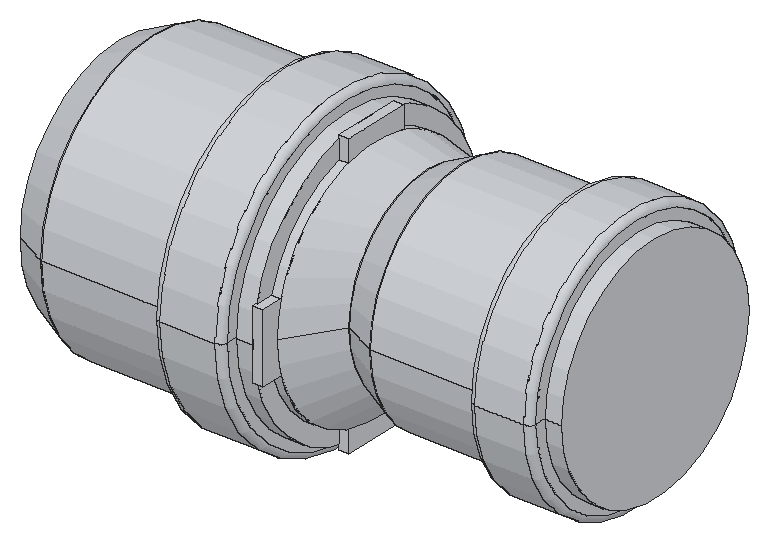
Revit family "RAUPIANO PLUS Reducer", category Pipe Fittings, Revit 2012
Parameters (values of type "Standard")
  z1 [instance] = size_lookup(Lookup Table Name, "z1", 0 mm, Nominal Diameter 1, Nominal Diameter 2)  # 12 mm
  tmin 2 [instance] = size_lookup("RAUPIANO Pipe.csv", "tmin", 0 mm, Nominal Diameter 2)  # 42.3 mm
  tmin 1 [instance] = size_lookup("RAUPIANO Pipe.csv", "tmin", 0 mm, Nominal Diameter 1)  # 46.3 mm
  re 2 [instance] = de 2 / 2  # 20 mm
  re 1 [instance] = de 1 / 2  # 25 mm
  de 2 [instance] = size_lookup("RAUPIANO Pipe.csv", "de", 0 mm, Nominal Diameter 2)  # 40 mm
  de 1 [instance] = size_lookup("RAUPIANO Pipe.csv", "de", 0 mm, Nominal Diameter 1)  # 50 mm
  bmin 2 [instance] = size_lookup("RAUPIANO Pipe.csv", "bmin", 0 mm, Nominal Diameter 2)  # 3.5 mm
  bmin 1 [instance] = size_lookup("RAUPIANO Pipe.csv", "bmin", 0 mm, Nominal Diameter 1)  # 3.5 mm
  Type Comments = "RAU-PP; Push-fit; White"  # constant formula
  Thermal expansion coefficient [instance] = "0,09 mm/m.K"  # constant formula
  Temperature resistance [instance] = "90°C (continuous), 95°C (short term)"  # constant formula
  T9 = "DN 160/110"
  T8 = "DN 125/110"
  T7 = "DN 110/90"
  T6 = "DN 110/75"
  T5 = "DN 110/50"
  T4 = "DN 90/75"
  T3 = "DN 90/50"
  T2 = "DN 75/50"
  T11 = "DN 200/160"
  T10 = "DN 160/125"
  T1 = "DN 50/40"
  Spec Text [instance] = if(and(D1 = 50 mm, D2 = 40 mm), T1, if(and(D1 = 75 mm, D2 = 50 mm), T2, if(and(D1 = 90 mm, D2 = 50 mm), T3, if(and(D1 = 90 mm, D2 = 75 mm), T4, if(and(D1 = 110 mm, D2 = 50 mm), T5, if(and(D1 = 110 mm, D2 = 75 mm), T6, if(and(D1 = 110 mm, D2 = 90 mm), T7, if(and(D1 = 125 mm, D2 = 110 mm), T8, if(and(D1 = 160 mm, D2 = 110 mm), T9, if(and(D1 = 160 mm, D2 = 125 mm), T10, if(and(D1 = 200 mm, D2 = 160 mm), T11, Fail)))))))))))  # "DN 50/40"
  Pressure resistance [instance] = "1 bar (100 kPa, 10m)"  # constant formula
  Materialcode SAP [instance] = if(and(D1 = 50 mm, D2 = 40 mm), M1, if(and(D1 = 75 mm, D2 = 50 mm), M2, if(and(D1 = 90 mm, D2 = 50 mm), M3, if(and(D1 = 90 mm, D2 = 75 mm), M4, if(and(D1 = 110 mm, D2 = 50 mm), M5, if(and(D1 = 110 mm, D2 = 75 mm), M6, if(and(D1 = 110 mm, D2 = 90 mm), M7, if(and(D1 = 125 mm, D2 = 110 mm), M8, if(and(D1 = 160 mm, D2 = 110 mm), M9, if(and(D1 = 160 mm, D2 = 125 mm), M10, if(and(D1 = 200 mm, D2 = 160 mm), M11, Fail)))))))))))  # "11231241001"
  Manufacturer = "REHAU"  # constant formula
  M9 = "11240391001"
  M8 = "11206141001"
  M7 = "11219941001"
  M6 = "11214041001"
  M5 = "11213941001"
  M4 = "11233241001"
  M3 = "11233141001"
  M2 = "11213841001"
  M11 = "11237641001"
  M10 = "11218041002"
  M1 = "11231241001"
  Health and environmental impact [instance] = "Halogen-free (no F, Cl, Br, J) and 100% recyclable"  # constant formula
  Fire load [instance] = "14.992 kJ/kg"  # constant formula
  Fire behaviour [instance] = "B2 (DIN 4102); D,S3-d0 (EN 13501-1)"  # constant formula
  Fail = "No article found"
  Description = "REHAU RAUPIANO PLUS reducer"  # constant formula
  D2 [instance] = Nominal Diameter 2  # 40 mm
  D1 [instance] = Nominal Diameter 1  # 50 mm
  Class [instance] = "SN4"  # constant formula
  Chemical resistance [instance] = "pH 2 - 12"  # constant formula
  Belt Thickness 2 [instance] = Dmax 2 / 2 - Sleeve Radius 2  # 3.5 mm
  Belt Thickness 1 [instance] = Dmax 1 / 2 - Sleeve Radius 1  # 3.5 mm
  Belt Radius 2 [instance] = (Dmax 2 / 2 - Sleeve Radius 2) / 2.5  # 1.4 mm
  Belt Radius 1 [instance] = (Dmax 1 / 2 - Sleeve Radius 1) / 2.5  # 1.4 mm
  Belt Length 2 [instance] = 3 mm / 10 mm * tmin 2  # 12.69 mm
  Belt Length 1 [instance] = (3 mm / 10 mm) * tmin 1  # 13.89 mm
  Sleeve Radius 2 [instance] = (Dmax 2 + de 2) / 4  # 23.5 mm
  Sleeve Radius 1 [instance] = (Dmax 1 + de 1) / 4  # 28.5 mm
  Sleeve Length 2 [instance] = tmin 2 + bmin 2  # 45.8 mm
  Sleeve Length 1 [instance] = tmin 1 + bmin 1  # 49.8 mm
  Nominal Radius 2 [instance] = 20 mm
  Nominal Radius 1 [instance] = 25 mm
  Nominal Diameter 2 [instance] = Nominal Radius 2 * 2  # 40 mm
  Nominal Diameter 1 [instance] = Nominal Radius 1 * 2  # 50 mm
  Max Radius Run [instance] = if(re 1 > re 2, re 1, re 2)  # 25 mm
  Lookup Table Name = "RAUPIANO Reducer.csv"
  Length 5 [instance] = Length 2 / 3  # 2 mm
  Length 4 [instance] = if(bmin 1 / 3 < 2 mm, 2 mm, bmin 1 / 3)  # 2 mm
  Length 2 [instance] = z1 / 2  # 6 mm
  Length 1 [instance] = z1  # 12 mm
  Dmax 2 [instance] = size_lookup("RAUPIANO Pipe.csv", "Dmax", 0 mm, Nominal Diameter 2)  # 54 mm
  Dmax 1 [instance] = size_lookup("RAUPIANO Pipe.csv", "Dmax", 0 mm, Nominal Diameter 1)  # 64 mm
  Article No [instance] = if(and(D1 = 50 mm, D2 = 40 mm), A1, if(and(D1 = 75 mm, D2 = 50 mm), A2, if(and(D1 = 90 mm, D2 = 50 mm), A3, if(and(D1 = 90 mm, D2 = 75 mm), A4, if(and(D1 = 110 mm, D2 = 50 mm), A5, if(and(D1 = 110 mm, D2 = 75 mm), A6, if(and(D1 = 110 mm, D2 = 90 mm), A7, if(and(D1 = 125 mm, D2 = 110 mm), A8, if(and(D1 = 160 mm, D2 = 110 mm), A9, if(and(D1 = 160 mm, D2 = 125 mm), A10, if(and(D1 = 200 mm, D2 = 160 mm), A11, Fail)))))))))))  # "123124-001"
  Application [instance] = "Not to be exposed to UV-radiation"  # constant formula
  Acoustic properties [instance] = "Rw + Ctr 42 (with industry standard suspended ceiling)"  # constant formula
  A9 = "124039-001"
  A8 = "120614-001"
  A7 = "121994-001"
  A6 = "121404-001"
  A5 = "121394-001"
  A4 = "123324-001"
  A3 = "123314-001"
  A2 = "121384-001"
  A11 = "123764-001"
  A10 = "121804-002"
  A1 = "123124-001"
  2 bmin 1 [instance] = bmin 1 * 2  # 7 mm
Reference planes
  plane 1 "Center (Front/Back)": y = 0
  plane 2: z = 0
  plane 3 "Center (Left/Right)": x = 0
  plane 4: x = 6
  plane 5: x = -6
  plane 6: x = -52.3
  plane 7: x = 48.3
  plane 8: x = -4
  plane 9: x = -55.8
  plane 10: x = -48.8
  plane 11: x = 2.5
  plane 12: x = 9.5
  plane 13: y = 25
  plane 14: y = 5
  plane 15: x = 44.8
  plane 16: x = 32.11
  plane 17: y = 28.5
  plane 18: x = -27.9
  plane 19: x = 24.15
Forms (mm)
  Extrusion 1, solid, detail levels fine
    sketch origin (-6, 298.262, 1219.2) x (0, 1, 0) y (0, 0, 1)
      loop
        circle (-298.262, -1219.2) r 28.5
    from 0 to -42.8
  Blend 2, solid, detail levels fine
    base sketch origin (-55.8, 58.829, 1219.2) x (0, 1, 0) y (0, 0, 1)
      loop
        circle (-58.829, -1219.2) r 25
    top sketch origin (-55.8, 58.829, 1219.2) x (0, 1, 0) y (0, 0, 1)
      loop
        circle (-58.829, -1219.2) r 28.5
    from 0 to 7
  Revolve 3, solid, detail levels fine
    sketch origin (0, 0, 0) x (1, 0, 0) y (0, 1, 0)
      loop
        line (-23.39, -28.5) -> (-23.39, -30.6)
        arc (-23.39, -30.6) -> (-22.98, -31.59) -> (-21.99, -32) r 1.4
        line (-21.99, -32) -> (-10.9, -32)
        arc (-10.9, -32) -> (-9.91, -31.59) -> (-9.5, -30.6) r 1.4
        line (-9.5, -30.6) -> (-9.5, -28.5) -> (-23.39, -28.5)
      axis (-9.5, 0) -> (-23.39, 0)
    angle from 0 to 360
  SweptBlend 4, solid, detail levels fine
    path origin (0, 0, 0) x (1, 0, 0) y (0, 1, 0)
      loop
        line (-4, 0) -> (2.5, 0)
    profile origin (-4, 0, 0) x (0, 1, 0) y (0, 0, 1)
      loop
        circle (0, 0) r 25
    end profile origin (2.5, 0, 0) x (0, 1, 0) y (0, 0, 1)
      loop
        circle (5, 0) r 20
  Sweep 5, solid, detail levels fine
    path origin (0, 0, 0) x (1, 0, 0) y (0, 1, 0)
      loop
        line (9.5, 5) -> (48.3, 5)
    profile origin (28.9, 5, 0) x (0, 1, 0) y (0, 0, 1)
      loop
        circle (0, 0) r 23.5
  SweptBlend 6, solid, detail levels fine
    path origin (0, 0, 0) x (1, 0, 0) y (0, 1, 0)
      loop
        line (2.5, 5) -> (9.5, 5)
    profile origin (2.5, 5, 0) x (0, 1, 0) y (0, 0, 1)
      loop
        circle (0, 0) r 20
    end profile origin (9.5, 5, 0) x (0, 1, 0) y (0, 0, 1)
      loop
        circle (0, 0) r 23.5
  Revolve 7, solid, detail levels fine
    sketch origin (0, 0, 0) x (1, 0, 0) y (0, 1, 0)
      loop
        line (44.8, 28.5) -> (44.8, 30.6)
        arc (44.8, 30.6) -> (44.39, 31.59) -> (43.4, 32) r 1.4
        line (43.4, 32) -> (33.51, 32)
        arc (33.51, 32) -> (32.52, 31.59) -> (32.11, 30.6) r 1.4
        line (32.11, 30.6) -> (32.11, 28.5) -> (44.8, 28.5)
      axis (44.8, 5) -> (32.11, 5)
    angle from 0 to 360
  Extrusion 8, solid, detail levels fine
    sketch origin (0, 0, 0) x (0, 1, 0) y (0, 0, 1)
      loop
        line (-7, 28.5) -> (-7, -28.5) -> (7, -28.5) -> (7, 28.5) -> (-7, 28.5)
    from -6 to -4
  Extrusion 9, solid, detail levels fine
    sketch origin (0, 0, 0) x (0, 1, 0) y (0, 0, 1)
      loop
        line (-28.5, 7) -> (-28.5, -7) -> (28.5, -7) -> (28.5, 7) -> (-28.5, 7)
    from -6 to -4
  Extrusion 10, solid, detail levels fine
    sketch origin (0, 0, 0) x (0, 1, 0) y (0, 0, 1)
      loop
        circle (0, 0) r 25
    from -6 to -4
Cuts and joins
  joined: SweptBlend 4, Extrusion 8, Extrusion 9, Extrusion 10
Lines and regions (mm)
  model lines, detail levels coarse+medium
    curve 1: line (-55.8, 25, 0) -> (-55.8, -25, 0)
    curve 2: line (-27.9, 17.5, 0) -> (-27.9, -7.5, 0)
    curve 3: line (-27.9, -7.5, 0) -> (24.15, 5, 0)
    curve 4: line (24.15, 5, 0) -> (-27.9, 17.5, 0)
    curve 5: line (-55.8, 0, 0) -> (-48.8, 0, 0)
    curve 6: line (24.15, 5, 0) -> (48.3, 5, 0)
    curve 7: line (48.3, 25, 0) -> (48.3, -15, 0)
    curve 8: line (-48.8, 0, 0) -> (-27.9, 5, 0)
  model lines, style "Symbol", detail levels coarse+medium
    curve 9: line (-55.8, 0, 25) -> (-55.8, 0, -25)
    curve 10: line (48.3, 5, 20) -> (48.3, 5, -20)
    curve 11: line (-27.9, 5, 12.5) -> (-27.9, 5, -12.5)
    curve 12: line (-27.9, 5, 12.5) -> (24.15, 5, 0)
    curve 13: line (24.15, 5, 0) -> (-27.9, 5, -12.5)
Dimensions and locks
  "Length 1": plane 5 to plane 4
  "Length 2": plane 3 "Center (Left/Right)" to plane 4
  "tmin 2": plane 4 to plane 7
  "tmin 1": plane 6 to plane 5
  "Length 4": plane 5 to plane 8
  equal spacing: plane 9, plane 6, plane 10
  "bmin 1": plane 6 to plane 10
  "bmin 2": plane 11 to plane 4
  "Belt Thickness 1": Revolve 3 sketch curve to Revolve 3 sketch curve
  "Sleeve Radius 1": Revolve 3 sketch curve to plane 1 "Center (Front/Back)"
  "bmin 1": Revolve 3 sketch curve to plane 5
  "Belt Length 1": Revolve 3 sketch curve to Revolve 3 sketch curve
  equal spacing: curve 1, plane 1 "Center (Front/Back)", curve 1
  "Nominal Radius 1": curve 1 to plane 1 "Center (Front/Back)"
  "re 1": plane 1 "Center (Front/Back)" to plane 13
  "re 2": plane 13 to plane 14
  "bmin 2": plane 4 to plane 12
  "Sleeve Radius 2": plane 14 to plane 17
  "bmin 2": plane 15 to plane 7
  "Belt Length 2": plane 16 to plane 15
  "Belt Thickness 2": Revolve 7 sketch curve to Revolve 7 sketch curve
  locked: SweptBlend 4 sketch curve to plane 14
  equal spacing: Extrusion 8 sketch curve, plane 1 "Center (Front/Back)", Extrusion 8 sketch curve
  "2 bmin 1": plane 1 "Center (Front/Back)" to Extrusion 8 sketch curve
  equal spacing: Extrusion 8 sketch curve, level, Extrusion 8 sketch curve
  "Sleeve Radius 1": level to Extrusion 8 sketch curve
  equal spacing: Extrusion 9 sketch curve, level, Extrusion 9 sketch curve
  equal spacing: Extrusion 9 sketch curve, plane 1 "Center (Front/Back)", Extrusion 9 sketch curve
  "Sleeve Radius 1": Extrusion 9 sketch curve to plane 1 "Center (Front/Back)"
  "2 bmin 1": level to Extrusion 9 sketch curve
  equal spacing: plane 3 "Center (Left/Right)", plane 19, plane 7
  equal spacing: plane 9, plane 18, plane 3 "Center (Left/Right)"
  equal spacing: curve 3, plane 14, curve 4
  "re 1": curve 3 to curve 4
  equal spacing: curve 7, plane 14, curve 7
  "Nominal Radius 2": plane 14 to curve 7
  equal spacing: curve 9, level, curve 9
  "Nominal Radius 1": curve 9 to level
  equal spacing: curve 10, level, curve 10
  "Nominal Radius 2": curve 10 to level
  equal spacing: curve 11, level, curve 11
  "re 1": curve 11 to curve 11
  "Sleeve Radius 1": radius of Extrusion 1 sketch curve
  "re 1": radius of Blend 2 sketch curve
  "Sleeve Radius 1": radius of Blend 2 sketch curve
  "Belt Radius 1": radius of Revolve 3 sketch curve  (x2)
  "re 1": radius of SweptBlend 4 sketch curve
  "re 2": radius of SweptBlend 4 sketch curve
  "Sleeve Radius 2": radius of Sweep 5 sketch curve
  "re 2": radius of SweptBlend 6 sketch curve
  "Sleeve Radius 2": radius of SweptBlend 6 sketch curve
  "Belt Radius 2": radius of Revolve 7 sketch curve  (x2)
  "re 1": radius of Extrusion 10 sketch curve
  aligned and locked: plane 2 to level
  aligned and locked: plane 5 to Extrusion 1
  aligned and locked: Extrusion 1 to plane 10
  aligned and locked: plane 10 to Blend 2
  aligned and locked: Revolve 3 sketch curve to Revolve 3 sketch curve
  aligned and locked: Revolve 3 sketch curve to plane 1 "Center (Front/Back)"
  aligned and locked: curve 1 to plane 9
  aligned and locked: plane 8 to SweptBlend 4 sketch curve
  aligned and locked: plane 1 "Center (Front/Back)" to SweptBlend 4 sketch curve
  aligned and locked: plane 11 to SweptBlend 4 sketch curve
  aligned and locked: plane 12 to Sweep 5 sketch curve
  aligned and locked: plane 14 to Sweep 5 sketch curve
  aligned and locked: plane 7 to Sweep 5 sketch curve
  aligned and locked: plane 11 to SweptBlend 6 sketch curve
  aligned and locked: plane 14 to SweptBlend 6 sketch curve
  aligned and locked: plane 12 to SweptBlend 6 sketch curve
  aligned and locked: plane 15 to Revolve 7 sketch curve
  aligned and locked: plane 17 to Revolve 7 sketch curve
  aligned and locked: Revolve 7 sketch curve to plane 16
  aligned and locked: Revolve 7 sketch curve to Revolve 7 sketch curve
  aligned and locked: Revolve 7 sketch curve to plane 14
  aligned and locked: Extrusion 9 to plane 5
  aligned and locked: plane 8 to Extrusion 9
  aligned and locked: Extrusion 8 to plane 5
  aligned and locked: plane 8 to Extrusion 8
  aligned and locked: Extrusion 10 to plane 5
  aligned and locked: plane 8 to Extrusion 10
  aligned and locked: curve 2 to plane 18
  aligned and locked: plane 19 to curve 3
  aligned and locked: plane 9 to curve 5
  aligned and locked: plane 1 "Center (Front/Back)" to curve 5
  aligned and locked: plane 7 to curve 6
  aligned and locked: plane 14 to curve 6
  aligned and locked: plane 7 to curve 7
  aligned and locked: plane 10 to curve 5
  aligned and locked: plane 18 to curve 8
  aligned and locked: plane 14 to curve 8
  aligned and locked: plane 7 to curve 10
  aligned and locked: curve 11 to plane 18
  aligned and locked: plane 19 to curve 12
  aligned and locked: level to curve 12
Automatic sketch dimensions
  Extrusion 1 sketch curve to level = 0 mm
  Extrusion 1 sketch curve to plane 1 "Center (Front/Back)" = 0 mm
  Blend 2 sketch curve to level = 0 mm  (x2)
  Blend 2 sketch curve to plane 1 "Center (Front/Back)" = 0 mm  (x2)
  Revolve 3 sketch curve to plane 9 = 1408 mm
  Revolve 3 sketch curve to plane 7 = 1413 mm
  SweptBlend 4 sketch curve to level = 0 mm  (x2)
  SweptBlend 4 sketch curve to profile plane = 0 mm
  Sweep 5 sketch curve to level = 0 mm
  Sweep 5 sketch curve to profile plane = 0 mm
  SweptBlend 6 sketch curve to level = 0 mm  (x2)
  SweptBlend 6 sketch curve to profile plane = 0 mm  (x2)
  Revolve 7 sketch curve to plane 9 = 40.858 mm
  Revolve 7 sketch curve to plane 7 = 62.343 mm
  Extrusion 10 sketch curve to level = 0 mm
  Extrusion 10 sketch curve to plane 1 "Center (Front/Back)" = 0 mm
  curve 9 to plane 9 = 0 mm
Connectors
  piping at (-55.8, 0, 0), driven by "Nominal Radius 1"
    settings: on Blend 2, index 1, connector radius 25 mm, flow factor 0, pipe flow 0 GPM, pressure drop 0.00 psi, fitting loss kfactor 0, connector angle 0.00°, fixture units 0, engagement length 0 mm, flow configuration 0, flow direction 0, fitting loss method 0, system type 28, joint type 0, gender type 0, connector reference index 2, connector utility 0, adjustable connector no, is connector primary yes, fitting loss table "", connector description ""
  piping at (48.3, 5, 0), driven by "Nominal Radius 2"
    settings: on Sweep 5, index 2, connector radius 20 mm, flow factor 0, pipe flow 0 GPM, pressure drop 0.00 psi, fitting loss kfactor 0, connector angle 0.00°, fixture units 0, engagement length 0 mm, flow configuration 0, flow direction 0, fitting loss method 0, system type 28, joint type 0, gender type 0, connector reference index 1, connector utility 0, adjustable connector no, is connector primary no, fitting loss table "", connector description ""
